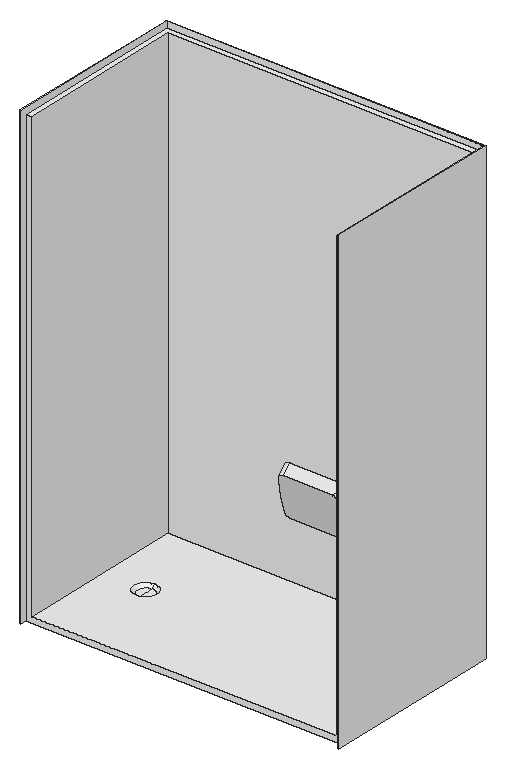
Revit family "Plumbing-Fixtures_Accessibility-Professionals-Inc_54x31-Freedom-Accessible-Shower", category Plumbing Fixtures, Revit 2024
Family settings
  Round Connector Dimension = Use Diameter
  Part Type = Normal
  OmniClass Number = 23.45.05.14.11.21
  OmniClass Title = Shower Receptors
  Work Plane-Based = No
  Enable Cutting in Views = No
  Always vertical = Yes
  Cut with Voids When Loaded = No
  Maintain Annotation Orientation = No
  Shared = No
  Room Calculation Point = No
Parameters (values of type "54" x 31" Freedom Accessible Shower, Left Drain")
  Width = 54"  # constant formula
  Water Inlet Diameter = 2"
  Vertical Drain Offset = if(Right, 45 1/2", 8 1/2")  # 8 1/2"
  Version = 1  # constant formula
  URL = "https://www.freedomshowers.com"
  Threshold Height = 1"  # constant formula
  Right = no
  Left = yes
  Internal Wall Offset Side = 1"  # constant formula
  Product data url = ""
  Product Page URL = "https://www.freedomshowers.com/Handicapped-Accessible-Showers/APF5430BF5PL"
  Product Material = Freedom Showers by Accessibility Professionals Inc. - Fiberglass Acrylic - White
  Product Documentation Link = "https://www.freedomshowers.com/index.php?route=product/product.getProductAttachmentFile&attachment_id=2060047"
  Model = "APF5430BF5PL"
  Manufacturer = "Freedom Showers by Accessibility Professionals Inc."  # constant formula
  Keynote = "22 40 00.B5"
  Interior Width = 51 3/4"  # constant formula
  Interior Depth = 28 5/8"  # constant formula
  Horizontal Drain Offset = 15"  # constant formula
  Height = 77 3/4"  # constant formula
  Grab Bars Material = Freedom Showers by Accessibility Professionals Inc. - Steel - Stainless
  Flow = 0 GPM
  Drain Diameter = 2"
  Description = "Five-piece shower stall ideal for remodels. Features a 1″ beveled threshold, left drain, pre-leveled base, reinforced wood-backed walls, built-in soap ledge, durable acrylic finish, 30-year warranty, made in the USA."
  Depth = 31"  # constant formula
  Default Elevation = 0"
  Date Updated = ""
  Date Created = "2025/11/19"  # constant formula
  Construction_Type One-Piece [instance] = no
  Internal Wall Offset Back = 1"  # constant formula
  Construction_Type Multi-Piece [instance] = not([Construction_Type One-Piece])  # yes
  Connector Offset [instance] = if(Left, 1 49/256", 52 13/16")  # 1 49/256"
  Assembly Code = "D2010.60"
  ADA_Compliant [instance] = no
Types (2): name | Vertical Drain Offset | Right | Left | Product Page URL | Product Documentation Link | Model | Description | Connector Offset | ADA_Compliant
  54" x 31" Freedom Accessible Shower, Left Drain | 8 1/2" | no | yes | "https://www.freedomshowers.com/Handicapped-Accessible-Showers/APF5430BF5PL" | "https://www.freedomshowers.com/index.php?route=product/product.getProductAttachmentFile&attachment_id=2060047" | "APF5430BF5PL" | "Five-piece shower stall ideal for remodels. Features a 1″ beveled threshold, left drain, pre-leveled base, reinforced wood-backed walls, built-in soap ledge, durable acrylic finish, 30-year warranty, made in the USA." | 1 49/256" | no
  54" x 31" Freedom Accessible Shower, Right Drain | 45 1/2" | yes | no | "https://www.freedomshowers.com/Handicapped-Accessible-Showers/APF5430BF5PR" | "https://www.freedomshowers.com/index.php?route=product/product.getProductAttachmentFile&attachment_id=2060063" | "APF5430BF5PR" | "Five-piece shower stall ideal for remodels. Features a 1″ beveled threshold, right drain, pre-leveled base, reinforced wood-backed walls, built-in soap ledge, durable acrylic finish, 30-year warranty, made in the USA." | 52 13/16" | yes
Reference planes (in)
  plane 1 "Center (Front/Back)": y = 0
  plane 2: z = 0
  plane 3 "Center (Left/Right)": x = 0
  plane 4: x = 27
  plane 5: x = -27
  plane 6: y = 15.5
  plane 7: y = -15.5
  plane 8 "Drain Vertical": x = -18.5
  plane 9 "Drain Horizontal": y = 0.5
  plane 10: z = 77.75
  plane 11: z = 1
  plane 12: y = -13.16892
  plane 13: z = 41
  plane 14: z = 28.75
  plane 15: z = 3.5
  plane 16: x = -25.80859
Forms (in)
  Extrusion 1, solid, material "Freedom Showers by Accessibility Professionals Inc. - Fiberglass Acrylic - White" <- "Product Material", detail levels medium+fine
    sketch origin (0, 0, 0) x (1, 0, 0) y (0, 1, 0)
      loop
        line (-27, 15.5) -> (-27, -15.5) -> (-26.81, -15.5) -> (-26.81, 15.31296) -> (26.81296, 15.31296) -> (26.81296, -15.5) -> (27, -15.5) -> (27, 15.5) -> (-27, 15.5)
    from 0 to 77.75
  Extrusion 2, solid, material "Freedom Showers by Accessibility Professionals Inc. - Fiberglass Acrylic - White" <- "Product Material", detail levels medium+fine
    sketch origin (0, 0, 0) x (0, 1, 0) y (0, 0, 1)
      loop
        line (-14.49391, 1) -> (-14.49391, 0) -> (15.31296, 0) -> (15.31296, 1) -> (-14.49391, 1)
    from -26.81 to 26.81296
  Extrusion 3, solid, material "Freedom Showers by Accessibility Professionals Inc. - Fiberglass Acrylic - White" <- "Product Material", detail levels medium+fine
    sketch origin (0, 0, 0) x (1, 0, 0) y (0, 1, 0)
      loop
        line (-25.81, 14.31296) -> (25.81296, 14.31296) -> (25.81296, -14.49391) -> (26.81296, -14.49391) -> (26.81296, 15.31296) -> (-26.81, 15.31296) -> (-26.81, -14.49391) -> (-25.81, -14.49391) -> (-25.81, 14.31296)
    from 0 to 76.73579
  Revolve 4, void, detail levels medium+fine
    sketch origin (-18.5, -2.55546, 48) x (0, 1, 0) y (0, 0, 1)
      loop
        line (3.05546, -47.5) -> (3.05546, -47) -> (1.10295, -47) -> (1.60295, -47.5) -> (3.05546, -47.5)
      axis (3.05546, -47.5) -> (3.05546, -47)
    angle from 0 to 360
  Blend 5, solid, material "Freedom Showers by Accessibility Professionals Inc. - Fiberglass Acrylic - White" <- "Product Material", detail levels medium+fine
    base sketch origin (-29.7113, -11.07989, 48) x (1, 0, 0) y (0, 0, 1)
      loop
        line (35.00406, -29.1051) -> (24.54327, -29.1051)
        arc (24.54327, -29.1051) -> (23.81703, -29.41766) -> (23.54478, -30.15995) r 1
        line (23.54478, -30.15995) -> (23.83636, -36.54452)
        arc (23.83636, -36.54452) -> (24.14741, -37.21592) -> (24.83486, -37.48968) r 1
        line (24.83486, -37.48968) -> (34.71248, -37.48968)
        arc (34.71248, -37.48968) -> (35.39992, -37.21592) -> (35.71097, -36.54452) r 1
        line (35.71097, -36.54452) -> (36.00256, -30.15995)
        arc (36.00256, -30.15995) -> (35.7303, -29.41766) -> (35.00406, -29.1051) r 1
    top sketch origin (-29.7113, -11.07989, 48) x (1, 0, 0) y (0, 0, 1)
      loop
        arc (25.77645, -29.57304) -> (25.09533, -29.84087) -> (24.77906, -30.50089) r 1
        line (24.77906, -30.50089) -> (24.28539, -37.32519)
        arc (24.28539, -37.32519) -> (24.54808, -37.44767) -> (24.83486, -37.48968) r 1
        line (24.83486, -37.48968) -> (34.71248, -37.48968)
        arc (34.71248, -37.48968) -> (34.93269, -37.46513) -> (35.14209, -37.39269) r 1
        line (35.14209, -37.39269) -> (34.75907, -30.41978)
        arc (34.75907, -30.41978) -> (34.42155, -29.81368) -> (33.77088, -29.57304) r 1
        line (33.77088, -29.57304) -> (25.77645, -29.57304)
    from -25.39285 to -22.48416
  Extrusion 6, void, detail levels medium+fine
    sketch origin (0, 0, 0) x (0, 1, 0) y (0, 0, 1)
      loop
        line (10.75, 20.86912) -> (10.75, 10.51032) -> (14.2898, 10.51032) -> (10.75, 20.86912)
    from -6.43068 to 6.85587
  Extrusion 7, solid, material "Freedom Showers by Accessibility Professionals Inc. - Fiberglass Acrylic - White" <- "Product Material", detail levels coarse
    sketch origin (-44.52563, -180, 34.875) x (-1, 0, 0) y (0, -1, 0)
      loop
        line (-17.52563, -195.5) -> (-17.52563, -164.5) -> (-71.52563, -164.5) -> (-71.52563, -195.5) -> (-17.52563, -195.5)
    from -34.875 to -33.875
  Extrusion 8, solid, material "Freedom Showers by Accessibility Professionals Inc. - Fiberglass Acrylic - White" <- "Product Material", detail levels coarse
    sketch origin (-44.52563, -180, 34.875) x (-1, 0, 0) y (0, -1, 0)
      loop
        line (-17.52563, -195.5) -> (-17.52563, -164.5) -> (-18.71563, -164.5) -> (-18.71563, -194.31296) -> (-70.33859, -194.31296) -> (-70.33859, -164.5) -> (-71.52563, -164.5) -> (-71.52563, -195.5) -> (-17.52563, -195.5)
    from -33.875 to 42.875
Cuts and joins
  Revolve 4 cuts Extrusion 1
  Revolve 4, Extrusion 6 cuts Extrusion 2
  Revolve 4 cuts Extrusion 3
  Extrusion 6 cuts Blend 5
  joined: Extrusion 1, Extrusion 2, Extrusion 3, Blend 5
Lines and regions (in)
  Masking region 1, detail levels coarse
    outline origin (0, 0, 0) x (1, 0, 0) y (0, 1, 0)
      loop
        line (-27, 15.5) -> (-27, -15.5) -> (27, -15.5) -> (27, 15.5) -> (-27, 15.5)
  Masking region 2, detail levels medium+fine
    outline origin (0, 0, 0) x (1, 0, 0) y (0, 1, 0)
      loop
        line (-27, 15.5) -> (-27, -15.5) -> (-26.81, -15.5) -> (-26.81, -14.49391) -> (26.81296, -14.49391) -> (26.81296, -15.5) -> (27, -15.5) -> (27, 15.5) -> (-27, 15.5)
  symbolic lines, style "PlumbingFixtures", detail levels medium+fine
    curve 1: line (-26.81, -15.5, 34.875) -> (-26.81, 15.31296, 34.875)
    curve 2: line (-26.81, 15.31296, 34.875) -> (26.81296, 15.31296, 34.875)
    curve 3: line (26.81296, 15.31296, 34.875) -> (26.81296, -15.5, 34.875)
    curve 4: arc (-18.5, 2.45251, 34.875) -> (-16.54749, 0.5, 34.875) -> (-18.5, -1.45251, 34.875) r 1.95251
    curve 5: arc (-18.5, -1.45251, 34.875) -> (-20.45251, 0.5, 34.875) -> (-18.5, 2.45251, 34.875) r 1.95251
    curve 6: arc (-18.5, 1.95251, 34.875) -> (-19.95251, 0.5, 34.875) -> (-18.5, -0.95251, 34.875) r 1.45251
    curve 7: arc (-18.5, -0.95251, 34.875) -> (-17.04749, 0.5, 34.875) -> (-18.5, 1.95251, 34.875) r 1.45251
    curve 8: line (-25.81, -14.49391, 34.875) -> (-25.81, 14.31296, 34.875)
    curve 9: line (-25.81, 14.31296, 34.875) -> (25.81296, 14.31296, 34.875)
    curve 10: line (25.81296, 14.31296, 34.875) -> (25.81296, -14.49391, 34.875)
    curve 11: line (-26.81, -14.49391, 34.875) -> (26.81296, -14.49391, 34.875)
  symbolic lines, detail levels coarse
    curve 12: line (-25.81, -15.5, 0) -> (-25.81, 14.31296, 0)
    curve 13: line (-25.81, 14.31296, 0) -> (25.81296, 14.31296, 0)
    curve 14: line (25.81296, 14.31296, 0) -> (25.81296, -15.5, 0)
  model lines, detail levels medium+fine
    curve 15: line (-20.10451, 14.31296, 76.73579) -> (-20.10451, 14.31296, 3.51848)
    curve 16: line (-12.10451, 14.31296, 76.73579) -> (-12.10451, 14.31296, 3.5)
    curve 17: line (-4.02451, 14.31296, 76.73579) -> (-4.02451, 14.31296, 3.5)
    curve 18: line (4.02451, 14.31296, 76.73579) -> (4.02451, 14.31296, 3.5)
    curve 19: line (12.10451, 14.31296, 76.73579) -> (12.10451, 14.31296, 3.5)
    curve 20: line (20.10451, 14.31296, 76.73579) -> (20.10451, 14.31296, 3.51848)
    curve 21: line (-25.81, 14.31296, 3.5) -> (25.81296, 14.31296, 3.5)
    curve 22: line (-5.99524, 14.31296, 11.55244) -> (-25.81, 14.31296, 11.55244)
    curve 23: line (25.81296, 14.31296, 19.63244) -> (-25.81, 14.31296, 19.63244)
    curve 24: line (6.2996, 14.31296, 11.55244) -> (25.81296, 14.31296, 11.55244)
    curve 25: line (25.81296, 14.31296, 27.71244) -> (-25.81, 14.31296, 27.71244)
    curve 26: line (25.81296, 14.31296, 35.79416) -> (-25.81, 14.31296, 35.79416)
    curve 27: line (25.81296, 14.31296, 44.07767) -> (-25.81, 14.31296, 44.07767)
    curve 28: line (25.81296, 14.31296, 52.26029) -> (-25.81, 14.31296, 52.26029)
    curve 29: line (25.81296, 14.31296, 60.34029) -> (-25.81, 14.31296, 60.34029)
    curve 30: line (25.81296, 14.31296, 68.62553) -> (-25.81, 14.31296, 68.62553)
    curve 31: line (-25.81, 14.31296, 1) -> (-19.41329, 2.22575, 1)
    curve 32: line (-19.35564, -1.25504, 1) -> (-25.81, -14.49391, 1)
    curve 33: line (-16.63595, 1.08105, 1) -> (25.81296, 14.31296, 1)
    curve 34: line (-16.6505, -0.12581, 1) -> (25.81296, -14.49391, 1)
    curve 44: line (-25.81, -14.49391, 68.53521) -> (-25.81, 14.31296, 68.53521)
    curve 45: line (-25.81, -14.49391, 60.27635) -> (-25.81, 14.31296, 60.27635)
    curve 46: line (-25.81, -14.49391, 52.10755) -> (-25.81, 14.31296, 52.10755)
    curve 47: line (-25.81, -14.49391, 43.9937) -> (-25.81, 14.31296, 43.9937)
    curve 48: line (-25.81, -14.49391, 35.81818) -> (-25.81, 14.31296, 35.81818)
    curve 49: line (-25.81, -14.49391, 27.69956) -> (-25.81, 14.31296, 27.69956)
    curve 50: line (-25.81, -14.49391, 19.60778) -> (-25.81, 14.31296, 19.60778)
    curve 51: line (-25.81, -14.49391, 11.52179) -> (-25.81, 14.31296, 11.52179)
    curve 52: line (-25.81, 14.31296, 3.5) -> (-25.81, -14.49391, 3.5)
    curve 53: line (-25.81, 10.10188, 3.5) -> (-25.81, 10.10188, 76.73579)
    curve 54: line (-25.81, 2.01188, 3.5) -> (-25.81, 2.01188, 76.73579)
    curve 55: line (-25.81, -6.07812, 3.5) -> (-25.81, -6.07812, 76.73579)
    curve 56: line (25.81296, -14.49391, 68.53521) -> (25.81296, 14.31296, 68.53521)
    curve 57: line (25.81296, -14.49391, 60.27635) -> (25.81296, 14.31296, 60.27635)
    curve 58: line (25.81296, -14.49391, 52.10755) -> (25.81296, 14.31296, 52.10755)
    curve 59: line (25.81296, -14.49391, 43.9937) -> (25.81296, 14.31296, 43.9937)
    curve 60: line (25.81296, -14.49391, 35.81818) -> (25.81296, 14.31296, 35.81818)
    curve 61: line (25.81296, -14.49391, 27.69956) -> (25.81296, 14.31296, 27.69956)
    curve 62: line (25.81296, -14.49391, 19.60778) -> (25.81296, 14.31296, 19.60778)
    curve 63: line (25.81296, -14.49391, 11.52179) -> (25.81296, 14.31296, 11.52179)
    curve 64: line (25.81296, 14.31296, 3.5) -> (25.81296, -14.49391, 3.5)
    curve 65: line (25.81296, 10.10188, 3.5) -> (25.81296, 10.10188, 76.73579)
    curve 66: line (25.81296, 2.01188, 3.5) -> (25.81296, 2.01188, 76.73579)
    curve 67: line (25.81296, -6.07812, 3.5) -> (25.81296, -6.07812, 76.73579)
  symbolic lines, style "PlumbingFixturesHiddenLines", detail levels medium+fine
    curve 35: line (-25.81, 14.31296, 0) -> (-19.41329, 2.22575, 0)
    curve 36: line (-19.35564, -1.25504, 0) -> (-25.81, -14.49391, 0)
    curve 37: line (-16.63595, 1.08105, 0) -> (25.81296, 14.31296, 0)
    curve 38: line (-16.6505, -0.12581, 0) -> (25.81296, -14.49391, 0)
  symbolic lines, detail levels medium+fine
    curve 39: line (-6.16652, 14.31296, 0) -> (-5.13533, 11.88287, 0)
    curve 40: spline (-5.13533, 11.88287, 0) -> (-5.10295, 11.84204, 0) -> (-5.05689, 11.80262, 0) -> (-4.9977, 11.76507, 0) -> (-4.9261, 11.72985, 0) -> (-4.84297, 11.69739, 0) -> (-4.74931, 11.66808, 0) -> (-4.64625, 11.64228, 0) -> (-4.53504, 11.6203, 0) -> (-4.41703, 11.6024, 0) -> (-4.29366, 11.58881, 0) -> (-4.16641, 11.57968, 0) -> (-4.03683, 11.57514, 0)
    curve 41: line (-4.03683, 11.57514, 0) -> (4.16289, 11.57514, 0)
    curve 42: spline (4.16289, 11.57514, 0) -> (4.28653, 11.57942, 0) -> (4.40809, 11.58788, 0) -> (4.52623, 11.60043, 0) -> (4.63964, 11.61692, 0) -> (4.74706, 11.63717, 0) -> (4.84731, 11.66096, 0) -> (4.93927, 11.68802, 0) -> (5.02193, 11.71806, 0) -> (5.09437, 11.75074, 0) -> (5.15579, 11.7857, 0) -> (5.20551, 11.82256, 0) -> (5.24298, 11.8609, 0)
    curve 43: line (6.29126, 14.31296, 0) -> (5.24298, 11.8609, 0)
Dimensions and locks (in)
  equal spacing: plane 5, plane 3 "Center (Left/Right)", plane 4
  "Width": plane 5 to plane 4
  equal spacing: plane 7, plane 1 "Center (Front/Back)", plane 6
  "Depth": plane 7 to plane 6
  "Vertical Drain Offset": plane 5 to plane 8 "Drain Vertical"
  "Horizontal Drain Offset": plane 9 "Drain Horizontal" to plane 6
  "Height": plane 10 to level
  locked: plane 12 to plane 7 at 2.33108
  locked: plane 5 to Extrusion 1 sketch curve at 0.19
  locked: Extrusion 1 sketch curve to plane 6 at 0.18704
  locked: Extrusion 1 sketch curve to plane 4 at 0.18704
  "Threshold Height": plane 11 to level
  locked: plane 11 to Revolve 4 sketch curve at 0.5
  Revolve 4 sketch curve to Revolve 4 sketch curve to Revolve 4 sketch curve = 1.45251" locked, 1/2" locked
  locked: plane 5 to Extrusion 3 sketch curve at 0.19
  locked: Extrusion 3 sketch curve to plane 4 at 0.18704
  locked: Extrusion 3 sketch curve to plane 6 at 0.18704
  "Internal Wall Offset Back": Extrusion 3 sketch curve to Extrusion 3 sketch curve
  "Internal Wall Offset Side": Extrusion 3 sketch curve to Extrusion 3 sketch curve  (x2)
  plane 13 to level = 41"
  plane 14 to level = 28 3/4"
  curve 31 to curve 33 to plane 9 "Drain Horizontal" to curve 34 to curve 32 = 1.1447" locked, 0.58105" locked, 0.62581" locked, 1.12924" locked
  curve 31 to curve 32 to plane 8 "Drain Vertical" to curve 34 to curve 33 = 0.05765" locked, 0.85564" locked, 1.8495" locked, 0.01455" locked
  "Connector Offset": plane 5 to plane 16
  aligned and locked: plane 2 to level
  aligned and locked: Extrusion 1 sketch curve to plane 5
  aligned and locked: Extrusion 1 sketch curve to plane 6
  aligned and locked: Extrusion 1 sketch curve to plane 4
  aligned and locked: Extrusion 1 sketch curve to plane 7
  aligned and locked: Extrusion 1 to level
  aligned and locked: plane 10 to Extrusion 1
  aligned and locked: level to Extrusion 2 sketch curve
  aligned and locked: Extrusion 3 to level
  aligned and locked: Revolve 4 sketch curve to plane 9 "Drain Horizontal"
  aligned and locked: plane 11 to Extrusion 2 sketch curve
  aligned and locked: plane 11 to Revolve 4 sketch curve
  aligned and locked: Extrusion 7 sketch curve to plane 5
  aligned and locked: Extrusion 7 sketch curve to plane 6
  aligned and locked: Extrusion 7 sketch curve to plane 7
  aligned and locked: Extrusion 7 sketch curve to plane 4
  aligned and locked: Extrusion 7 to level
  aligned and locked: plane 11 to Extrusion 7
  aligned and locked: cut or joined group of Extrusion 1, Extrusion 2, Extrusion 3, Revolve 4, Blend 5, Extrusion 6 to cut or joined group of Extrusion 1, Extrusion 2, Extrusion 3, Revolve 4, Blend 5, Extrusion 6  (x2)
  aligned and locked: Extrusion 8 sketch curve to plane 5
  aligned and locked: Extrusion 8 sketch curve to plane 6
  aligned and locked: Extrusion 8 sketch curve to cut or joined group of Extrusion 1, Extrusion 2, Extrusion 3, Revolve 4, Blend 5, Extrusion 6  (x3)
  aligned and locked: Extrusion 8 sketch curve to plane 4
  aligned and locked: Extrusion 8 sketch curve to plane 7
  aligned and locked: plane 10 to Extrusion 8
  aligned and locked: Extrusion 8 to plane 11
  aligned and locked: Blend 5 to Extrusion 3
  aligned and locked: curve 1 to cut or joined group of Extrusion 1, Extrusion 2, Extrusion 3, Revolve 4, Blend 5, Extrusion 6
  aligned and locked: curve 2 to cut or joined group of Extrusion 1, Extrusion 2, Extrusion 3, Revolve 4, Blend 5, Extrusion 6
  aligned and locked: curve 3 to cut or joined group of Extrusion 1, Extrusion 2, Extrusion 3, Revolve 4, Blend 5, Extrusion 6
  aligned and locked: curve 4 to cut or joined group of Extrusion 1, Extrusion 2, Extrusion 3, Revolve 4, Blend 5, Extrusion 6
  aligned and locked: curve 5 to cut or joined group of Extrusion 1, Extrusion 2, Extrusion 3, Revolve 4, Blend 5, Extrusion 6
  aligned and locked: curve 6 to cut or joined group of Extrusion 1, Extrusion 2, Extrusion 3, Revolve 4, Blend 5, Extrusion 6
  aligned and locked: curve 7 to cut or joined group of Extrusion 1, Extrusion 2, Extrusion 3, Revolve 4, Blend 5, Extrusion 6
  aligned and locked: Extrusion 8 to curve 8
  aligned and locked: curve 9 to Extrusion 8
  aligned and locked: curve 10 to Extrusion 8
  aligned and locked: curve 11 to cut or joined group of Extrusion 1, Extrusion 2, Extrusion 3, Revolve 4, Blend 5, Extrusion 6
  aligned and locked: curve 12 to Extrusion 8
  aligned and locked: curve 13 to Extrusion 8
  aligned and locked: curve 14 to Extrusion 8
  aligned and locked: Masking region 1 sketch curve to plane 5
  aligned and locked: Masking region 1 sketch curve to plane 4
  aligned and locked: Masking region 1 sketch curve to plane 6
  aligned and locked: Masking region 1 sketch curve to plane 7
  aligned and locked: curve 21 to plane 15
  aligned and locked: curve 35 to curve 31
  aligned and locked: curve 36 to curve 32
  aligned and locked: curve 37 to curve 33
  aligned and locked: curve 38 to curve 34
  aligned and locked: curve 39 to cut or joined group of Extrusion 1, Extrusion 2, Extrusion 3, Revolve 4, Blend 5, Extrusion 6
  aligned and locked: curve 41 to cut or joined group of Extrusion 1, Extrusion 2, Extrusion 3, Revolve 4, Blend 5, Extrusion 6
  aligned and locked: curve 43 to cut or joined group of Extrusion 1, Extrusion 2, Extrusion 3, Revolve 4, Blend 5, Extrusion 6
  aligned and locked: Masking region 2 sketch curve to plane 5
  aligned and locked: Masking region 2 sketch curve to plane 6
  aligned and locked: Masking region 2 sketch curve to plane 4
  aligned and locked: Masking region 2 sketch curve to curve 11
  aligned and locked: Masking region 2 sketch curve to curve 1
  aligned and locked: Masking region 2 sketch curve to plane 7
  aligned and locked: curve 3 to Masking region 2 sketch curve
Automatic sketch dimensions
  plane 7 to Extrusion 1 sketch curve = 0"
  Extrusion 2 sketch curve to plane 7 = 1.00609"
  plane 6 to Extrusion 2 sketch curve = 0.18704"
  Revolve 4 sketch curve to plane 9 "Drain Horizontal" = 0"
  Revolve 4 sketch curve to level = 12"
  plane 10 to Revolve 4 sketch curve = 17 3/8"
  plane 3 "Center (Left/Right)" to Blend 5 sketch curve = 5.29277"
  plane 15 to Blend 5 sketch curve = 14.3949"
  Blend 5 sketch curve to Blend 5 sketch curve = 1"  (x2)
  Blend 5 sketch curve to plane 3 "Center (Left/Right)" = 5.16803"
  Blend 5 sketch curve to Blend 5 sketch curve = 0.99849"  (x3)
  plane 3 "Center (Left/Right)" to Blend 5 sketch curve = 5.99968"
  Blend 5 sketch curve to Blend 5 sketch curve = 6.38457"
  Blend 5 sketch curve to Blend 5 sketch curve = 0.05485"  (x3)
  Blend 5 sketch curve to plane 3 "Center (Left/Right)" = 4.87644"  (x2)
  Blend 5 sketch curve to Blend 5 sketch curve = 0.94515"
  Blend 5 sketch curve to plane 3 "Center (Left/Right)" = 4.93224"
  Blend 5 sketch curve to Blend 5 sketch curve = 0.99739"
  plane 3 "Center (Left/Right)" to Blend 5 sketch curve = 4.05959"
  plane 3 "Center (Left/Right)" to Blend 5 sketch curve = 5.00118"
  Blend 5 sketch curve to Blend 5 sketch curve = 0.98819"
  plane 15 to Blend 5 sketch curve = 7.01032"
  Blend 5 sketch curve to Blend 5 sketch curve = 5.91664"  (x2)
  Blend 5 sketch curve to Blend 5 sketch curve = 0.07215"
  Blend 5 sketch curve to Blend 5 sketch curve = 0.54947"
  Blend 5 sketch curve to Blend 5 sketch curve = 0.42961"
  Blend 5 sketch curve to Blend 5 sketch curve = 0.16449"
  plane 6 to Extrusion 6 sketch curve = 4 3/4"
  plane 6 to Extrusion 6 sketch curve = 1.2102"
  Extrusion 3 to curve 20 = 0"
  curve 20 to Extrusion 3 = 5.70845"
  Extrusion 3 to curve 19 = 0"
  curve 20 to curve 19 = 8"
  curve 19 to curve 18 = 8.08"
  Extrusion 3 to curve 17 = 0"
  curve 18 to curve 17 = 8.04902"
  Extrusion 3 to curve 16 = 0"
  curve 17 to curve 16 = 8.08"
  Extrusion 3 to curve 15 = 0"
  curve 15 to Extrusion 3 = 5.70549"
  Extrusion 3 to curve 18 = 0"
  Extrusion 3 to curve 20 = 3.51848"
  Extrusion 3 to curve 15 = 3.51848"
  Extrusion 3 to curve 21 = 0"  (x2)
  Extrusion 3 to curve 26 = 0"
  curve 24 to Extrusion 3 = 0"
  curve 29 to Extrusion 3 = 0"
  curve 27 to Extrusion 3 = 0"
  curve 28 to Extrusion 3 = 0"
  curve 30 to Extrusion 3 = 0"
  curve 25 to Extrusion 3 = 0"
  curve 26 to Extrusion 3 = 0"
  curve 20 to curve 24 = 13.80491"
  curve 18 to curve 30 = 29.83451"
  curve 18 to curve 25 = 29.83451"
  curve 16 to curve 28 = 13.70549"
  curve 28 to curve 27 = 0"
  curve 29 to curve 28 = 0"
  curve 23 to curve 25 = 51.62296"
  curve 23 to curve 22 = 31.8082"
  curve 22 to Extrusion 3 = 0"
  curve 23 to Extrusion 3 = 0"
  Extrusion 3 to curve 30 = 8.11027"
  curve 30 to curve 29 = 8.28524"
  curve 29 to curve 28 = 8.08"
  curve 28 to curve 27 = 8.18262"
  curve 27 to curve 26 = 8.28351"
  curve 26 to curve 25 = 8.08173"
  curve 26 to curve 23 = 16.16173"
  curve 23 to curve 24 = 8.08"
  curve 23 to curve 22 = 8.08"
  curve 34 to plane 7 = 1.00609"
  curve 32 to plane 7 = 1.00609"
  plane 6 to curve 33 = 1.18704"
  plane 6 to curve 31 = 1.18704"
  curve 34 to plane 4 = 1.18704"
  curve 33 to plane 4 = 1.18704"
  plane 5 to curve 32 = 1.19"
  plane 5 to curve 31 = 1.19"
  curve 52 to Extrusion 3 = 0"  (x2)
  Extrusion 3 to curve 53 = 0"
  Extrusion 3 to curve 47 = 0"  (x2)
  Extrusion 3 to curve 45 = 0"  (x2)
  Extrusion 3 to curve 49 = 0"  (x2)
  Extrusion 3 to curve 46 = 0"  (x2)
  Extrusion 3 to curve 50 = 0"  (x2)
  Extrusion 3 to curve 51 = 0"  (x2)
  Extrusion 3 to curve 44 = 0"  (x2)
  Extrusion 3 to curve 48 = 0"  (x2)
  Extrusion 3 to curve 53 = 4.21108"
  Extrusion 3 to curve 54 = 0"
  curve 53 to curve 54 = 8.09"
  curve 54 to curve 55 = 8.09"
  Extrusion 3 to curve 55 = 0"
  Extrusion 3 to curve 44 = 8.20058"
  curve 44 to curve 45 = 8.25886"
  curve 45 to curve 46 = 8.1688"
  curve 46 to curve 47 = 8.11385"
  curve 47 to curve 48 = 8.17552"
  curve 48 to curve 49 = 8.11862"
  curve 49 to curve 50 = 8.09178"
  curve 51 to curve 52 = 8.02179"
  Extrusion 3 to curve 54 = 3 1/2"
  curve 60 to Extrusion 3 = 0"  (x2)
  curve 56 to Extrusion 3 = 0"  (x2)
  curve 64 to Extrusion 3 = 0"  (x2)
  curve 57 to Extrusion 3 = 0"  (x2)
  curve 63 to Extrusion 3 = 0"  (x2)
  curve 58 to Extrusion 3 = 0"  (x2)
  curve 62 to Extrusion 3 = 0"  (x2)
  curve 59 to Extrusion 3 = 0"  (x2)
  curve 61 to Extrusion 3 = 0"  (x2)
  Extrusion 3 to curve 65 = 0"
  Extrusion 3 to curve 65 = 4.21108"
  Extrusion 3 to curve 56 = 8.20058"
  curve 57 to curve 56 = 8.25886"
  curve 58 to curve 57 = 8.1688"
  curve 59 to curve 58 = 8.11385"
  curve 60 to curve 59 = 8.17552"
  curve 61 to curve 60 = 8.11862"
  curve 62 to curve 61 = 8.09178"
  curve 63 to curve 62 = 8.08599"
  Extrusion 3 to curve 65 = 3 1/2"
  Extrusion 3 to curve 66 = 0"
  curve 65 to curve 66 = 8.09"
  Extrusion 3 to curve 67 = 0"
  curve 66 to curve 67 = 8.09"
  plane 15 to Extrusion 6 sketch curve = 7.01032"
  Extrusion 6 sketch curve to Extrusion 6 sketch curve = 10.3588"
  plane 7 to curve 12 = 0"
  plane 7 to curve 14 = 0"
  plane 6 to curve 12 = 1.18704"
  plane 6 to curve 39 = 3.61713"
  curve 39 to curve 41 = 1.0985"
  curve 41 to curve 43 = 2.12837"
  plane 6 to curve 43 = 3.6391"
  curve 40 to curve 40 = 0.02266"
  curve 40 to curve 40 = 0.06271"
  curve 42 to curve 41 = 0.06393"
  curve 43 to curve 42 = 0.03776"
  curve 35 to plane 8 "Drain Vertical" = 0.91329"
  curve 36 to plane 8 "Drain Vertical" = 0.85564"
  plane 1 "Center (Front/Back)" to curve 38 = 0.12581"
  plane 9 "Drain Horizontal" to curve 37 = 0.58105"
  plane 7 to curve 3 = 0"
  plane 7 to curve 1 = 0"
  curve 9 to plane 16 = 51.62155"
  curve 2 to plane 4 = 0.18704"
  plane 5 to curve 9 = 1.19"
  plane 5 to curve 1 = 0.19"
  plane 6 to curve 8 = 1.18704"
  plane 6 to curve 3 = 0.18704"
  plane 7 to Extrusion 8 sketch curve = 0"
  plane 7 to Masking region 2 sketch curve = 0"
  Extrusion 3 sketch curve to plane 7 = 1.00609"  (x2)
Connectors (in)
  piping at (-18.5, 0.5, 0.5), diameter 2, driven by "Flow", driven by "Drain Diameter"
    settings: on cut or joined group of Extrusion 1, Extrusion 2, Extrusion 3, Revolve 4, Blend 5, Extrusion 6, index 1, connector inside diameter 24", connector length 0", flow factor 0, pipe flow 0 GPM, pressure drop 0.00 psi, fitting loss kfactor 0, connector angle 0.00°, fixture units 0, engagement length 0", angle of deflection 0.00°, flow configuration 0, flow direction 2, fitting loss method 0, system type 16, joint type 0, gender type 0, connector reference index -1, connector utility 0, adjustable connector no, is connector primary yes, connector description "Drain"
